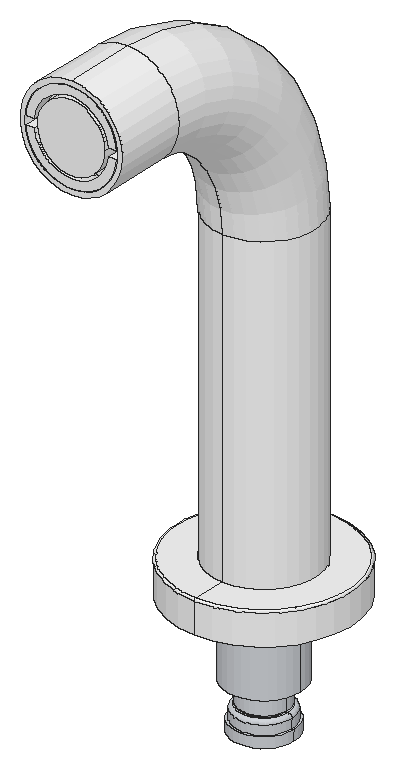
Revit family "Reece_Tap_Sussex_Scala_Curved_Wall Basin Outlet_32 mm", category Plumbing Fixtures, host Face, Revit 2018
Family settings
  Host = Face
  Round Connector Dimension = Use Diameter
  Part Type = Normal
  Cut with Voids When Loaded = No
  Shared = Yes
  Room Calculation Point = Yes
Parameters (values of type "160 mm_6 Star_Chrome")
  URL = "https://www.reece.com.au/product/-2262412"
  Type Comments = "Tap"
  Reece_Product_Web Page = "https://www.reece.com.au/product/-2262412"
  Reece_Product_Type = "Tap"  # constant formula
  Reece_Product_Sub Brand = "Scala"  # constant formula
  WFU = 0  # constant formula
  Reece_Tap_Reach = 160 mm
  Reece_Tap_Inlet = 15 mm  # constant formula
  Reece_Tap_Clearance = 75 mm  # constant formula
  Reece_Product_Number = "2262412"
  Reece_Product_Mount = "Wall Mounted"
  Reece_Product_Description = "Sussex Scala 32mm Wall Outlet Curved 160mm Chrome (6 Star)"
  Reece_Product_Brand = "Sussex"  # constant formula
  Reece_Overall_Length = Reece_Tap_Reach + 16 mm  # 176 mm
  Reece_Overall_Diameter = 54 mm  # constant formula
  Reece_Material_Main = Reece_Brass_Chrome
  Reece_Detail_Shape = "Curved"  # constant formula
  Reece_Detail_Installation = ""
  Reece_Detail_Disclaimer = "THIS FILE IS THE PROPERTY OF THE REECE GROUP. IT MAY NOT BE REPRODUCED, REVERSE-ENGINEERED OR MODIFIED. ANY REPUBLICATION, TRANSMISSION OR DISTRIBUTION FOR THE PURPOSE OF COMMERCIALLY EXPLOITING THE FILES IS PROHIBITED."  # constant formula
  Reece_Detail_Connector = ""
  Reece_Detail_Additional = "Wall Basin Outlet"  # constant formula
  Reece_Backplate_Thickness = 10 mm  # constant formula
  Model = "Scala"
  Manufacturer = "Sussex"
  Keynote = "Product #2262412, Reece_Tap_Sussex_Scala_Curved_Wall Basin Outlet_32 mm - 160 mm_6 Star_Chrome"
  HWFU = 0  # constant formula
  Disclaimer = "THIS FILE IS THE PROPERTY OF THE REECE GROUP. IT MAY NOT BE REPRODUCED, REVERSE-ENGINEERED OR MODIFIED. ANY REPUBLICATION, TRANSMISSION OR DISTRIBUTION FOR THE PURPOSE OF COMMERCIALLY EXPLOITING THE FILES IS PROHIBITED."  # constant formula
  Description = "Scala 32mm Wall Outlet Curved 160mm Chrome (6 Star)"
  Default Elevation = 1000 mm
  CWFU = 0  # constant formula
Types (6, lengths in mm): name | URL | Reece_Product_Web Page | Reece_Tap_Reach | Reece_Product_Number | Reece_Product_Description | Reece_Overall_Length | Reece_Material_Main | Keynote | Description
  160 mm_6 Star_Chrome | "https://www.reece.com.au/product/-2262412" | "https://www.reece.com.au/product/-2262412" | 160 | "2262412" | "Sussex Scala 32mm Wall Outlet Curved 160mm Chrome (6 Star)" | 176 | Reece_Brass_Chrome | "Product #2262412, Reece_Tap_Sussex_Scala_Curved_Wall Basin Outlet_32 mm - 160 mm_6 Star_Chrome" | "Scala 32mm Wall Outlet Curved 160mm Chrome (6 Star)"
  160 mm_6 Star_PVD Brushed Platinum Gold | "https://www.reece.com.au/product/-2268329" | "https://www.reece.com.au/product/-2268329" | 160 | "2268329" | "Sussex Scala 32mm Wall Outlet Curved 160mm LUX PVD Brushed Platinum Gold (6 Star)" | 176 | Reece_PVD_Brushed_Platinum Gold | "Product #2268329, Reece_Tap_Sussex_Scala_Curved_Wall Basin Outlet_32 mm - 160 mm_6 Star_PVD Brushed Platinum Gold" | "Scala 32mm Wall Outlet Curved 160mm LUX PVD Brushed Platinum Gold (6 Star)"
  250 mm_6 Star_Chrome | "https://www.reece.com.au/product/-2262374" | "https://www.reece.com.au/product/-2262374" | 250 | "2262374" | "Sussex Scala 32mm Wall Outlet Curved 250mm Chrome (6 Star)" | 266 | Reece_Brass_Chrome | "Product #2262374, Reece_Tap_Sussex_Scala_Curved_Wall Basin Outlet_32 mm - 250 mm_6 Star_Chrome" | "Scala 32mm Wall Outlet Curved 250mm Chrome (6 Star)"
  250 mm_6 Star_PVD Brushed Platinum Gold | "https://www.reece.com.au/product/-2268331" | "https://www.reece.com.au/product/-2268331" | 250 | "2268331" | "Sussex Scala 32mm Wall Outlet Curved 250mm LUX PVD Brushed Platinum Gold (6 Star)" | 266 | Reece_PVD_Brushed_Platinum Gold | "Product #2268331, Reece_Tap_Sussex_Scala_Curved_Wall Basin Outlet_32 mm - 250 mm_6 Star_PVD Brushed Platinum Gold" | "Scala 32mm Wall Outlet Curved 250mm LUX PVD Brushed Platinum Gold (6 Star)"
  200 mm_6 Star_Chrome | "https://www.reece.com.au/product/-2262373" | "https://www.reece.com.au/product/-2262373" | 200 | "2262373" | "Sussex Scala 32mm Wall Outlet Curved 200mm Chrome (6 Star)" | 216 | Reece_Brass_Chrome | "Product #2262373, Reece_Tap_Sussex_Scala_Curved_Wall Basin Outlet_32 mm - 200 mm_6 Star_Chrome" | "Scala 32mm Wall Outlet Curved 200mm Chrome (6 Star)"
  200 mm_6 Star_PVD Brushed Platinum Gold | "https://www.reece.com.au/product/-2268330" | "https://www.reece.com.au/product/-2268330" | 200 | "2268330" | "Sussex Scala 32mm Wall Outlet Curved 200mm LUX PVD Brushed Platinum Gold (6 Star)" | 216 | Reece_PVD_Brushed_Platinum Gold | "Product #2268330, Reece_Tap_Sussex_Scala_Curved_Wall Basin Outlet_32 mm - 200 mm_6 Star_PVD Brushed Platinum Gold" | "Scala 32mm Wall Outlet Curved 200mm LUX PVD Brushed Platinum Gold (6 Star)"
Reference planes
  plane 1 "Center (Front/Back)": y = 0
  plane 2: z = 0
  plane 3 "Center (Left/Right)": x = 0
  plane 4: z = 160
  plane 5: y = -75
  plane 6: z = 176
  plane 7: x = -16
  plane 8: x = 16
  plane 9: x = -27
  plane 10: x = 27
  plane 11: z = 10
Forms (mm)
  Revolve 1, solid
    sketch origin (128.901, 0, 1219.2) x (1, 0, 0) y (0, 0, 1)
      loop
        line (-130.291, -1261.136) -> (-128.901, -1261.136) -> (-128.901, -1219.2) -> (-140.374, -1219.2) -> (-140.374, -1242.939) -> (-136.181, -1242.939) -> (-136.181, -1249.636) -> (-135.615, -1250.202) -> (-136.415, -1250.202)
        arc (-136.415, -1250.202) -> (-137.255, -1250.55) -> (-137.603, -1251.39) r 1.188
        line (-137.603, -1251.39) -> (-137.603, -1254.152) -> (-138.403, -1254.152) -> (-138.403, -1257.398) -> (-132.464, -1257.398) -> (-130.291, -1261.136)
      axis (-128.901, -1219.2) -> (-128.901, -1261.136)
    angle from 0 to 360
  Revolve 2, void
    sketch origin (100, 0, 0) x (1, 0, 0) y (0, 0, 1)
      loop
        line (-100, 0) -> (-100, -50) -> (-85, -50) -> (-85, 0) -> (-100, 0)
      axis (-100, 0) -> (-100, -50)
    angle from 0 to 360
Text (mm)
  text "Reece Copyright © 2018, Reece Ltd." at (-426.685, -305.631, 0), in view "Ref. Level"
  text "Reece ©" at (-7.653, 198.338, 183.77), in view "Reece Preview"
Dimensions and locks
  "Reece_Tap_Reach": plane 4 to host face
  "Reece_Overall_Length": plane 6 to plane 2
  "Reece_Tap_Clearance": plane 1 "Center (Front/Back)" to plane 5
  plane 7 to plane 8 = 32 mm
  "Reece_Overall_Diameter": plane 9 to plane 10
  "Reece_Backplate_Thickness": plane 11 to plane 2
  aligned and locked: host face to plane 2
  aligned and locked: level to host face
  aligned and locked: plane 3 "Center (Left/Right)" to nested 1
  aligned and locked: nested 1 to plane 1 "Center (Front/Back)"
Automatic sketch dimensions
  host sketch curve to host sketch curve = 481.758 mm
  host sketch curve to host sketch curve = 479.681 mm
  Revolve 1 sketch curve to level = 0 mm
  Revolve 1 sketch curve to plane 3 "Center (Left/Right)" = 0 mm
  plane 3 "Center (Left/Right)" to Revolve 1 sketch curve = 0 mm
  Revolve 1 sketch curve to plane 3 "Center (Left/Right)" = 1.39 mm
  Revolve 1 sketch curve to plane 3 "Center (Left/Right)" = 3.563 mm
  Revolve 1 sketch curve to plane 3 "Center (Left/Right)" = 6.714 mm
  Revolve 1 sketch curve to Revolve 1 sketch curve = 0.566 mm  (x2)
  Revolve 1 sketch curve to Revolve 1 sketch curve = 0.8 mm  (x2)
  Revolve 1 sketch curve to Revolve 1 sketch curve = 1.188 mm
  Revolve 1 sketch curve to Revolve 1 sketch curve = 4.194 mm
  Revolve 1 sketch curve to level = 23.739 mm
  Revolve 1 sketch curve to Revolve 1 sketch curve = 6.697 mm
  Revolve 1 sketch curve to Revolve 1 sketch curve = 2.762 mm
  Revolve 1 sketch curve to Revolve 1 sketch curve = 3.246 mm
  Revolve 1 sketch curve to Revolve 1 sketch curve = 3.739 mm
  Revolve 1 sketch curve to Revolve 1 sketch curve = 0.681 mm
  level to Revolve 1 sketch curve = 8.93 mm
  Revolve 2 sketch curve to level = 0 mm
  Revolve 2 sketch curve to plane 3 "Center (Left/Right)" = 0 mm
  plane 3 "Center (Left/Right)" to Revolve 2 sketch curve = 0 mm
  Revolve 2 sketch curve to plane 8 = 1 mm
  Revolve 2 sketch curve to Revolve 2 sketch curve = 50 mm
  Revolve 2 sketch curve to Revolve 2 sketch curve = 15 mm
  Revolve 2 sketch curve to Revolve 2 sketch curve = 25 mm
Nested families
  nested 1: "Reece_Tap_Sussex_Scala_Curved_32 mm_Nested" at (0, 0, 0), Reece_Tap_Clearance <- "Reece_Tap_Clearance", Reece_Tap_Reach <- "Reece_Tap_Reach", Reece_Backplate_Thickness <- "Reece_Backplate_Thickness", Reece_Material_Main <- "Reece_Material_Main", type "Reece_Tap_Sussex_Scala_Curved_32 mm_Nested"
    with Reece_Tap_Reach 160 mm, Reece_Tap_Clearance 75 mm, Reece_Overall_Length 172.5 mm, Reece_Material_Main Reece_Brass_Chrome, Reece_Backplate_Thickness 10 mm
Connectors
  piping at (0, 0, -38.198), diameter 15, driven by "Reece_Tap_Inlet"
    settings: on Revolve 1, index 1, connector inside diameter 609.6 mm, connector length 0 mm, flow factor 0, pipe flow 0.0 L/s, pressure drop 0.0 Pa, fitting loss kfactor 0, connector angle 0.00°, fixture units 0, engagement length 0 mm, angle of deflection 0.00°, flow configuration 0, flow direction 1, fitting loss method 0, system type 29, joint type 0, gender type 0, connector reference index -1, connector utility 0, adjustable connector no, is connector primary yes, connector description ""
Definition of nested family "Reece_Tap_Sussex_Scala_Curved_32 mm_Nested"
  Parameters (values of type "Reece_Tap_Sussex_Scala_Curved_32 mm_Nested")
    Waste Connection = no
    WFU = 0
    Vent Connection = no
    URL = ""
    Type Comments = ""
    Reece_Tap_Reach [instance] = 200 mm
    Reece_Tap_Clearance [instance] = 67 mm
    Reece_Overall_Length [instance] = Reece_Tap_Reach + 12.5 mm  # 212.5 mm
    Reece_Material_Main [instance] = none
    Reece_Backplate_Thickness [instance] = 5 mm
    Model = ""
    Manufacturer = ""
    Keynote = ""
    HWFU = 0
    HW Connection = no
    Description = ""
    Default Elevation = 0 mm
    Cost = 0
    CWFU = 0
    CW Connection = no
    Assembly Code = ""
  Reference planes
    plane 1 "Center (Front/Back)": y = 0
    plane 2 "Bottom": z = 0
    plane 3 "Center (Left/Right)": x = 0
    plane 4: z = 200
    plane 5: y = -67
    plane 6: z = 212.5
    plane 7: x = 100
    plane 8: x = -100
    plane 9: z = 43
    plane 10: x = -73
    plane 11: x = -127
    plane 12: x = -27
    plane 13: x = 27
    plane 14: x = -12.5
    plane 15: x = 12.5
    plane 16: y = 0
    plane 17: z = 5
  Forms (mm)
    Extrusion 1, solid
      sketch origin (609.2, -664.2, 0) x (1, 0, 0) y (0, 1, 0)
        loop
          line (-797.73, 779.2) -> (-797.73, 509.547) -> (-428.415, 509.547) -> (-428.415, 779.2) -> (-797.73, 779.2)
      from 0 to -9.564
    Sweep 2, solid, material <- "Reece_Material_Main"
      path origin (0, 0, 0) x (0, 1, 0) y (0, 0, 1)
        loop
          line (0, 8.917) -> (0, 155)
          arc (0, 155) -> (-13.18, 186.82) -> (-45, 200) r 45
          line (-45, 200) -> (-67, 200)
      profile origin (0, 0, 81.959) x (0, -1, 0) y (1, 0, 0)
        loop
          circle (0, 0) r 16
        loop
          circle (0, 0) r 14.5
    Extrusion 3, solid, material <- "Reece_Material_Main"
      sketch origin (0, 0, 0) x (1, 0, 0) y (0, 0, 1)
        loop
          circle (0, 200) r 10.535
        loop
          line (-14.201, 201.337) -> (-11.513, 201.337)
          arc (-11.513, 201.337) -> (0, 211.59) -> (11.513, 201.337) r 11.59
          line (11.513, 201.337) -> (14.201, 201.337)
          arc (14.201, 201.337) -> (0, 214.264) -> (-14.201, 201.337) r 14.264
        loop
          arc (-14.201, 198.663) -> (0, 185.736) -> (14.201, 198.663) r 14.264
          line (14.201, 198.663) -> (11.513, 198.663)
          arc (11.513, 198.663) -> (0, 188.41) -> (-11.513, 198.663) r 11.59
          line (-11.513, 198.663) -> (-14.201, 198.663)
      from 64.455 to 67
    Extrusion 4, solid, material <- "Reece_Material_Main"
      sketch origin (0, 0, 0) x (1, 0, 0) y (0, 0, 1)
        loop
          circle (0, 200) r 14.5
      from 62.863 to 64.455
    Revolve 5, solid, material <- "Reece_Material_Main"
      sketch origin (0, 0, 0) x (0, 1, 0) y (0, 0, 1)
        loop
          line (0, 0) -> (0, 8.917) -> (-16.209, 8.917) -> (-16.209, 10) -> (-26.4, 10)
          arc (-26.4, 10) -> (-26.824, 9.824) -> (-27, 9.4) r 0.6
          line (-27, 9.4) -> (-27, 0) -> (0, 0)
        axis (0, 10) -> (0, 0)
      angle from 0 to 360
  Cuts and joins
    joined: Sweep 2, Extrusion 3, Extrusion 4
  Text (mm)
    text "Reece Copyright © 2018, Reece Ltd." at (-195.976, -180.714, 0), in view "Ref. Level"
    text "Reece ©" at (69.347, 211.464, 119.896), in view "Reece Preview"
  Dimensions and locks
    "Reece_Tap_Reach": plane 4 to plane 2 "Bottom"
    "Reece_Overall_Length": plane 6 to plane 2 "Bottom"
    equal spacing: plane 8, plane 3 "Center (Left/Right)", plane 7
    plane 8 to plane 7 = 200 mm
    plane 9 to plane 2 "Bottom" = 43 mm
    "Reece_Tap_Clearance": plane 1 "Center (Front/Back)" to plane 5
    plane 9 to Extrusion 1 = 43 mm
    plane 11 to plane 10 = 54 mm
    equal spacing: plane 11, plane 8, plane 10
    plane 12 to plane 13 = 54 mm
    plane 6 to plane 4 = 12.5 mm
    plane 8 to plane 3 "Center (Left/Right)" = 100 mm
    plane 3 "Center (Left/Right)" to plane 7 = 100 mm
    plane 5 to plane 1 "Center (Front/Back)" = 67 mm
    plane 1 "Center (Front/Back)" to plane 16 = 0 mm
    "Reece_Backplate_Thickness": plane 17 to plane 2 "Bottom"
    locked: cut or joined group of Sweep 2, Extrusion 3, Extrusion 4 to cut or joined group of Sweep 2, Extrusion 3, Extrusion 4 at 4.137
    aligned and locked: plane 2 "Bottom" to Extrusion 1
    aligned and locked: level to Extrusion 1
    aligned and locked: plane 1 "Center (Front/Back)" to Sweep 2 sketch curve
    aligned and locked: Sweep 2 sketch curve to plane 4
    aligned and locked: plane 5 to cut or joined group of Sweep 2, Extrusion 3, Extrusion 4  (x2)
  Automatic sketch dimensions
    Extrusion 1 sketch curve to Extrusion 1 sketch curve = 369.315 mm
    Extrusion 1 sketch curve to Extrusion 1 sketch curve = 269.653 mm
    Sweep 2 sketch curve to plane 5 = 0 mm
    Sweep 2 sketch curve to Sweep 2 sketch curve = 22 mm
    level to Sweep 2 sketch curve = 8.917 mm
    Sweep 2 sketch curve to Sweep 2 sketch curve = 0 mm  (x2)
    Sweep 2 sketch curve to plane 3 "Center (Left/Right)" = 0 mm
    Sweep 2 sketch curve to profile plane = 0 mm
    Extrusion 4 sketch curve to plane 3 "Center (Left/Right)" = 0 mm
    Extrusion 4 sketch curve to plane 4 = 0 mm
    Extrusion 3 sketch curve to Extrusion 3 sketch curve = 0 mm  (x20)
    Extrusion 3 sketch curve to plane 3 "Center (Left/Right)" = 0 mm
    Extrusion 3 sketch curve to plane 4 = 0 mm
    Extrusion 3 sketch curve to plane 14 = 0.987 mm  (x2)
    plane 14 to Extrusion 3 sketch curve = 1.701 mm  (x2)
    Extrusion 3 sketch curve to plane 15 = 0.987 mm  (x2)
    Extrusion 3 sketch curve to plane 4 = 1.337 mm
    plane 4 to Extrusion 3 sketch curve = 1.337 mm
    level to Revolve 5 sketch curve = 0 mm
    Revolve 5 sketch curve to plane 1 "Center (Front/Back)" = 0 mm  (x2)
    plane 1 "Center (Front/Back)" to Revolve 5 sketch curve = 16.209 mm
    Revolve 5 sketch curve to Revolve 5 sketch curve = 10.191 mm
    Revolve 5 sketch curve to Revolve 5 sketch curve = 0.6 mm
    Revolve 5 sketch curve to Revolve 5 sketch curve = 8.917 mm
    Revolve 5 sketch curve to Revolve 5 sketch curve = 9.4 mm
    Revolve 5 sketch curve to level = 12.434 mm
    Revolve 5 sketch curve to Revolve 5 sketch curve = 2.566 mm
    radius of Sweep 2 sketch curve = 16 mm
    radius of Sweep 2 sketch curve = 14.5 mm
    radius of Extrusion 4 sketch curve = 14.5 mm
    radius of Extrusion 3 sketch curve = 10.535 mm
